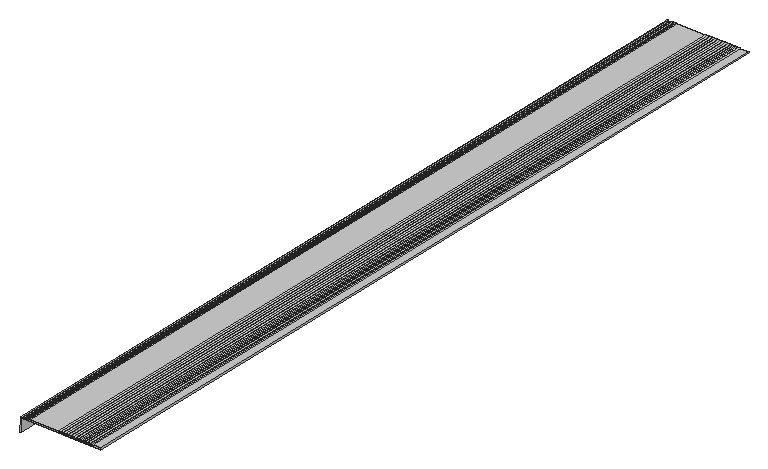
Revit family "111213021058709", category Modelos genéricos, Revit 2018
Family settings
  Puede alojar armadura = No
  Cota de conector redondo = Diámetro de uso
  Tipo de pieza = Normal
  Se basa en plano de trabajo = No
  Siempre vertical = No
  Corte con vacíos al cargar = No
  Compartido = No
  Punto de cálculo de habitación = No
Parameters (values of type "GRADA TITAN PVC 300X50MM GRIS CLARO TIRA 3.00")
  Ventajas = "Autoextinguible"
  Uso = "Fabricado en PVC, ideal para zonas de medio y alto trafico, con estrías\r\nantideslizantes. Ideal para: Edificios Públicos y Privados, Colegios, Universidades, Centros\r\ncomerciales, Aeropuertos, Hoteles, Edificios Habitacionales, entre otros."
  Unidad = "Tiras de 1.20 Mts y 3.00 Mts."
  URL = "https://www.empresascnp.cl/"
  Num SKUs = "111213021058709"
  Nombre SKU = "GRADA TITAN PVC 300X50MM GRIS CLARO TIRA 3MT"
  Modelo = "GRADA TITAN PVC 300X50MM"
  Material = PVC flexible gris claro
  Url Ficha tecnica = "https://empresascnp.cl/wp-content/uploads//pdf/ficha-tecnica-grada-titan-pvc-300x50mm-gris-claro-tira-1-2mt.pdf"
  Largo = 3000.00 mm
  Espesor = 4.00 mm
  Empresa = "CNP SPA."
  Dureza = "80 shore A"
  Dimension = 300.00 mm
  Descripción = "Grada Titan 300x50 MM."
  Contacto = "info@empresascnp.cl"
  Color = "Gris claro"
  Aplicacion = "Escaleras"
  Alto = 50.00 mm
Reference planes
  plane 1 "Center F/B": y = 0
  plane 2: z = 0
  plane 3 "Center L/R": x = 0
  plane 4: z = -50
  plane 5 "2": y = 1500
  plane 6 "3": y = -1500
  plane 7: x = 300
  plane 8: z = -2
  plane 9 "4": x = 2
Forms (mm)
  Extrusion 1, solid, material "PVC flexible gris claro" <- "Material"
    sketch origin (0, 0, 0) x (1, 0, 0) y (0, 0, 1)
      loop
        line (300, 0) -> (270, 0)
        arc (270, 0) -> (267.593, 0.87) -> (265.185, 0) r 3.766
        arc (265.185, 0) -> (262.778, -0.87) -> (260.37, 0) r 3.766
        arc (260.37, 0) -> (257.963, 0.87) -> (255.556, 0) r 3.766
        arc (255.556, 0) -> (253.148, -0.87) -> (250.741, 0) r 3.766
        arc (250.741, 0) -> (248.333, 0.87) -> (245.926, 0) r 3.766
        arc (245.926, 0) -> (243.519, -0.87) -> (241.111, 0) r 3.766
        arc (241.111, 0) -> (238.704, 0.87) -> (236.296, 0) r 3.766
        arc (236.296, 0) -> (233.889, -0.87) -> (231.481, 0) r 3.766
        arc (231.481, 0) -> (229.074, 0.87) -> (226.667, 0) r 3.766
        arc (226.667, 0) -> (224.259, -0.87) -> (221.852, 0) r 3.766
        arc (221.852, 0) -> (219.444, 0.87) -> (217.037, 0) r 3.766
        arc (217.037, 0) -> (214.63, -0.87) -> (212.222, 0) r 3.766
        arc (212.222, 0) -> (209.815, 0.87) -> (207.407, 0) r 3.766
        arc (207.407, 0) -> (205, -0.87) -> (202.593, 0) r 3.766
        arc (202.593, 0) -> (200.185, 0.87) -> (197.778, 0) r 3.766
        arc (197.778, 0) -> (195.37, -0.87) -> (192.963, 0) r 3.766
        arc (192.963, 0) -> (190.556, 0.87) -> (188.148, 0) r 3.766
        arc (188.148, 0) -> (185.741, -0.87) -> (183.333, 0) r 3.766
        arc (183.333, 0) -> (180.926, 0.87) -> (178.519, 0) r 3.766
        arc (178.519, 0) -> (176.111, -0.87) -> (173.704, 0) r 3.766
        arc (173.704, 0) -> (171.296, 0.87) -> (168.889, 0) r 3.766
        arc (168.889, 0) -> (166.481, -0.87) -> (164.074, 0) r 3.766
        arc (164.074, 0) -> (161.667, 0.87) -> (159.259, 0) r 3.766
        arc (159.259, 0) -> (156.852, -0.87) -> (154.444, 0) r 3.766
        arc (154.444, 0) -> (152.037, 0.87) -> (149.63, 0) r 3.766
        arc (149.63, 0) -> (147.222, -0.87) -> (144.815, 0) r 3.766
        arc (144.815, 0) -> (142.407, 0.87) -> (140, 0) r 3.766
        line (140, 0) -> (34, 0)
        arc (34, 0) -> (33, 0.361) -> (32, 0) r 1.564
        arc (32, 0) -> (31, -0.361) -> (30, 0) r 1.564
        arc (30, 0) -> (29, 0.361) -> (28, 0) r 1.564
        arc (28, 0) -> (27, -0.361) -> (26, 0) r 1.564
        arc (26, 0) -> (25, 0.361) -> (24, 0) r 1.564
        arc (24, 0) -> (23, -0.361) -> (22, 0) r 1.564
        arc (22, 0) -> (21, 0.361) -> (20, 0) r 1.564
        arc (20, 0) -> (19, -0.361) -> (18, 0) r 1.564
        arc (18, 0) -> (17, 0.361) -> (16, 0) r 1.564
        line (16, 0) -> (3, 0)
        arc (3, 0) -> (0.879, -0.879) -> (0, -3) r 3
        line (0, -3) -> (0, -50) -> (4, -50) -> (4, -5)
        arc (4, -5) -> (4.293, -4.293) -> (5, -4) r 1
        line (5, -4) -> (300, -4) -> (300, 0)
    from -1500 to 1500
Dimensions and locks
  "Alto": level to plane 4
  equal spacing: plane 6 "3", plane 1 "Center F/B", plane 5 "2"
  "Largo": plane 6 "3" to plane 5 "2"
  "Dimension": plane 7 to plane 3 "Center L/R"
  "Espesor": plane 2 to Extrusion 1 sketch curve
  "Espesor": Extrusion 1 sketch curve to plane 3 "Center L/R"
  aligned and locked: plane 6 "3" to Extrusion 1
  aligned and locked: Extrusion 1 to plane 5 "2"
  aligned and locked: Extrusion 1 sketch curve to plane 3 "Center L/R"
  aligned and locked: plane 2 to Extrusion 1 sketch curve
  aligned and locked: Extrusion 1 sketch curve to plane 7
  aligned and locked: plane 4 to Extrusion 1 sketch curve
Automatic sketch dimensions
  Extrusion 1 sketch curve to level = 0.00 mm  (x70)
  plane 8 to Extrusion 1 sketch curve = 1.00 mm
  Extrusion 1 sketch curve to Extrusion 1 sketch curve = 1.00 mm  (x4)
  Extrusion 1 sketch curve to Extrusion 1 sketch curve = 11.00 mm
  Extrusion 1 sketch curve to plane 8 = 0.797 mm  (x5)
  level to Extrusion 1 sketch curve = 1.203 mm  (x4)
  Extrusion 1 sketch curve to Extrusion 1 sketch curve = 2.00 mm  (x5)
  Extrusion 1 sketch curve to Extrusion 1 sketch curve = 106.00 mm
  plane 8 to Extrusion 1 sketch curve = 0.896 mm  (x14)
  Extrusion 1 sketch curve to Extrusion 1 sketch curve = 2.407 mm
  level to Extrusion 1 sketch curve = 2.896 mm  (x13)
  Extrusion 1 sketch curve to Extrusion 1 sketch curve = 0.00 mm  (x4)
